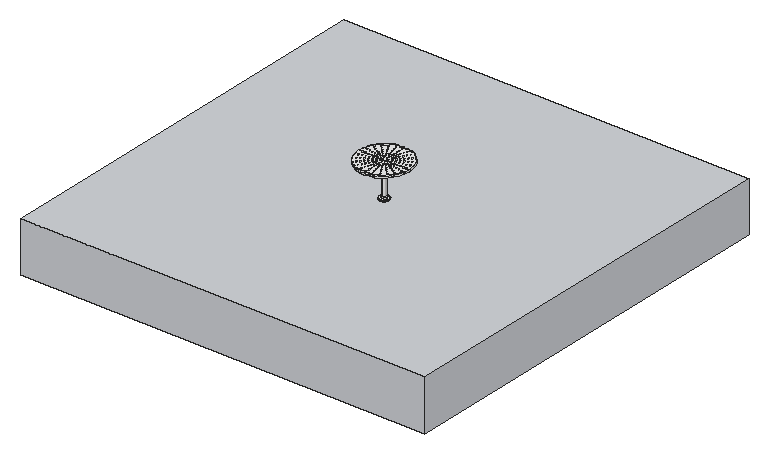
Revit family (continued)
Definition of nested family "13690_Base"
  Automatic sketch dimensions
    curve 305 to curve 283 = 0' - 0.29852"
    curve 284 to curve 283 = 0' - 0.04146"
    curve 308 to curve 303 = 0' - 0.52851"
    curve 250 to curve 246 = 0' - 0.52851"
    curve 303 to curve 303 = 0' - 0.02932"
    curve 245 to curve 246 = 0' - 0.02932"
    curve 253 to curve 256 = 0' - 0.16376"
    curve 311 to curve 314 = 0' - 0.16376"
    curve 256 to curve 255 = 0' - 0.01518"
    curve 314 to curve 313 = 0' - 0.01518"
    curve 283 to curve 280 = 0' - 0.22906"
    curve 225 to curve 221 = 0' - 0.22906"
    curve 279 to curve 279 = 0' - 0 13/256"
    curve 221 to curve 222 = 0' - 0 13/256"
    curve 313 to curve 315 = 0' - 0.16376"
    curve 255 to curve 257 = 0' - 0.16376"
    curve 316 to curve 315 = 0' - 0.01518"
    curve 258 to curve 258 = 0' - 0.01518"
    curve 43 to curve 46 = 0' - 0.63272"
    curve 104 to curve 46 = 0' - 0"
    curve 304 to curve 301 = 0' - 0.31636"
    curve 245 to curve 244 = 0' - 0.31636"
    curve 45 to curve 103 = 0' - 0.05864"
    curve 244 to curve 243 = 0' - 0.02932"
    curve 301 to curve 301 = 0' - 0.02932"
    curve 303 to curve 285 = 0' - 0.45385"
    curve 245 to curve 228 = 0' - 0.45385"
    curve 301 to curve 300 = 0' - 0.31636"
    curve 244 to curve 242 = 0' - 0.31636"
    curve 242 to curve 242 = 0' - 0.02932"
    curve 299 to curve 300 = 0' - 0.02932"
    curve 227 to curve 220 = 0' - 0.34825"
    curve 286 to curve 277 = 0' - 0.34825"
    curve 220 to curve 220 = 0' - 0 13/256"
    curve 278 to curve 278 = 0' - 0 13/256"
    curve 228 to curve 230 = 0' - 0.4474"
    curve 286 to curve 287 = 0' - 0.4474"
    curve 277 to curve 260 = 0' - 0.21892"
    curve 219 to curve 202 = 0' - 0.21892"
    curve 287 to curve 287 = 0' - 0.04146"
    curve 201 to curve 201 = 0' - 0.05664"
    curve 259 to curve 259 = 0' - 0.05664"
    curve 201 to curve 105 = 0' - 0.07467"
    curve 241 to curve 240 = 0' - 0.31636"
    curve 299 to curve 298 = 0' - 0.31636"
    curve 297 to curve 298 = 0' - 0.02932"
    curve 47 to curve 48 = 0' - 0.05864"
    curve 239 to curve 239 = 0' - 0.02932"
    curve 219 to curve 218 = 0' - 0.54795"
    curve 277 to curve 275 = 0' - 0.54795"
    curve 239 to curve 238 = 0' - 0.31636"
    curve 297 to curve 295 = 0' - 0.31636"
    curve 275 to curve 275 = 0' - 0 13/256"
    curve 218 to curve 217 = 0' - 0 13/256"
    curve 287 to curve 290 = 0' - 0.4474"
    curve 237 to curve 237 = 0' - 0.02932"
    curve 295 to curve 296 = 0' - 0.02932"
    curve 289 to curve 290 = 0' - 0.04146"
    curve 202 to curve 203 = 0' - 0.61116"
    curve 260 to curve 261 = 0' - 0.61116"
    curve 261 to curve 262 = 0' - 0.05664"
    curve 203 to curve 203 = 0' - 0.05664"
    curve 47 to curve 108 = 0' - 0.63272"
    curve 49 to curve 49 = 0' - 0.05864"
    curve 290 to curve 292 = 0' - 0.4474"
    curve 232 to curve 233 = 0' - 0.4474"
    curve 291 to curve 291 = 0' - 0.04146"
    curve 217 to curve 216 = 0' - 0.54795"
    curve 275 to curve 273 = 0' - 0.54795"
    curve 215 to curve 215 = 0' - 0 13/256"
    curve 273 to curve 273 = 0' - 0 13/256"
    curve 203 to curve 205 = 0' - 0.61116"
    curve 261 to curve 264 = 0' - 0.61116"
    curve 206 to curve 205 = 0' - 0.05664"
    curve 264 to curve 264 = 0' - 0.05664"
    curve 234 to curve 235 = 0' - 0.4474"
    curve 291 to curve 293 = 0' - 0.4474"
    curve 49 to curve 110 = 0' - 0.63272"
    curve 235 to curve 235 = 0' - 0.04146"
    curve 293 to curve 294 = 0' - 0.04146"
    curve 51 to curve 52 = 0' - 0.05864"
    curve 274 to curve 271 = 0' - 0.54795"
    curve 216 to curve 213 = 0' - 0.54795"
    curve 213 to curve 213 = 0' - 0 13/256"
    curve 271 to curve 271 = 0' - 0 13/256"
    curve 206 to curve 208 = 0' - 0.61116"
    curve 264 to curve 266 = 0' - 0.61116"
    curve 265 to curve 265 = 0' - 0.05664"
    curve 207 to curve 208 = 0' - 0.05664"
    curve 51 to curve 111 = 0' - 0.63272"
    curve 272 to curve 270 = 0' - 0.54795"
    curve 214 to curve 211 = 0' - 0.54795"
    curve 53 to curve 112 = 0' - 0.05864"
    curve 269 to curve 270 = 0' - 0 13/256"
    curve 211 to curve 212 = 0' - 0 13/256"
    curve 266 to curve 268 = 0' - 0.61116"
    curve 208 to curve 209 = 0' - 0.61116"
    curve 267 to curve 268 = 0' - 0.05664"
    curve 210 to curve 210 = 0' - 0.05664"
    curve 53 to curve 114 = 0' - 0.63272"
    curve 55 to curve 113 = 0' - 0.05864"
Definition of nested family "Arm_Base"
  Parameters (values of type "Arm_Base")
    Finish = none
  Reference planes (in)
    plane 1 "Center (Front/Back)": y = 0
    plane 2 "Back": z = 0
    plane 3 "Center (Left/Right)": x = 0
    plane 4 "Left": x = -1.11966
    plane 5 "Right": x = 1.11966
    plane 6 "Top": y = 1.11875
    plane 7 "Bottom": y = -1.11875
    plane 8 "Front": z = 5.50422
  Forms (in)
    Revolve 1, solid, material <- "Finish", detail levels fine
      sketch origin (0, 0, 0) x (0, 1, 0) y (0, 0, 1)
        loop
          line (0, 0) -> (1.08268, 0)
          arc (1.08268, 0) -> (1.10633, 0.01275) -> (1.11875, 0.03656) r 0.04577
          line (1.11875, 0.03656) -> (1.11981, 0.12736)
          arc (1.11981, 0.12736) -> (1.11198, 0.15194) -> (1.09104, 0.16701) r 0.04105
          line (1.09104, 0.16701) -> (0.67241, 0.28771)
          arc (0.67241, 0.28771) -> (0.62937, 0.31842) -> (0.6105, 0.36782) r 0.09154
          line (0.6105, 0.36782) -> (0.60966, 0.63286)
          arc (0.60966, 0.63286) -> (0.59288, 0.67277) -> (0.55272, 0.68897) r 0.05629
          line (0.55272, 0.68897) -> (0.40625, 0.68897) -> (0.40625, 5.50422) -> (0, 5.50422) -> (0, 0)
        axis (0, 5.50422) -> (0, 0)
      angle from 0 to 360
    Extrusion 2, void
      sketch origin (0, 0, 0) x (1, 0, 0) y (0, 1, 0)
        loop
          circle (0, 0) r 0.5
      from 0 to 0.16701
  Cuts and joins
    Extrusion 2 cuts Revolve 1
  Lines and regions (in)
    Masking region 1, detail levels medium+fine
      outline origin (0, 0, 0) x (0, 1, 0) y (0, 0, 1)
        loop
          arc (1.08268, 0) -> (1.10612, 0.01295) -> (1.11875, 0.03656) r 0.0472
          line (1.11875, 0.03656) -> (1.11875, 0.13327)
          arc (1.11875, 0.13327) -> (1.11093, 0.1551) -> (1.09104, 0.16701) r 0.03439
          line (1.09104, 0.16701) -> (0.67241, 0.28771)
          arc (0.67241, 0.28771) -> (0.62836, 0.31764) -> (0.6105, 0.36782) r 0.08568
          line (0.6105, 0.36782) -> (0.60968, 0.6326)
          arc (0.60968, 0.6326) -> (0.59291, 0.67262) -> (0.55272, 0.68897) r 0.05654
          line (0.55272, 0.68897) -> (0.40625, 0.68897) -> (0.40625, 5.50422) -> (-0.40625, 5.50422) -> (-0.40625, 0.68897) -> (-0.55272, 0.68897)
          arc (-0.55272, 0.68897) -> (-0.59291, 0.67262) -> (-0.60968, 0.6326) r 0.05654
          line (-0.60968, 0.6326) -> (-0.6105, 0.36782)
          arc (-0.6105, 0.36782) -> (-0.62836, 0.31764) -> (-0.67241, 0.28771) r 0.08568
          line (-0.67241, 0.28771) -> (-1.09104, 0.16701)
          arc (-1.09104, 0.16701) -> (-1.11093, 0.1551) -> (-1.11875, 0.13327) r 0.03439
          line (-1.11875, 0.13327) -> (-1.11875, 0.03656)
          arc (-1.11875, 0.03656) -> (-1.10612, 0.01295) -> (-1.08268, 0) r 0.0472
          line (-1.08268, 0) -> (1.08268, 0)
    Masking region 2, detail levels medium+fine
      outline origin (0, 0, 0) x (1, 0, 0) y (0, 0, 1)
        loop
          arc (-1.11966, 0.03656) -> (-1.10653, 0.01313) -> (-1.0831, 0) r 0.04956
          line (-1.0831, 0) -> (1.0831, 0)
          arc (1.0831, 0) -> (1.10653, 0.01313) -> (1.11966, 0.03656) r 0.04956
          line (1.11966, 0.03656) -> (1.11966, 0.12906)
          arc (1.11966, 0.12906) -> (1.11206, 0.15234) -> (1.09227, 0.16676) r 0.0398
          line (1.09227, 0.16676) -> (0.67241, 0.28771)
          arc (0.67241, 0.28771) -> (0.62835, 0.31764) -> (0.6105, 0.36782) r 0.08566
          line (0.6105, 0.36782) -> (0.60964, 0.63275)
          arc (0.60964, 0.63275) -> (0.59287, 0.6727) -> (0.55272, 0.68897) r 0.0564
          line (0.55272, 0.68897) -> (0.40642, 0.68897) -> (0.40642, 5.50422) -> (-0.40642, 5.50422) -> (-0.40642, 0.68897) -> (-0.55272, 0.68897)
          arc (-0.55272, 0.68897) -> (-0.59287, 0.6727) -> (-0.60964, 0.63275) r 0.0564
          line (-0.60964, 0.63275) -> (-0.6105, 0.36782)
          arc (-0.6105, 0.36782) -> (-0.62835, 0.31764) -> (-0.67241, 0.28771) r 0.08566
          line (-0.67241, 0.28771) -> (-1.09227, 0.16676)
          arc (-1.09227, 0.16676) -> (-1.11206, 0.15234) -> (-1.11966, 0.12906) r 0.0398
          line (-1.11966, 0.12906) -> (-1.11966, 0.03656)
    symbolic lines, style "Masking Lines", detail levels fine
      curve 1: line (0, 0.40625, 0.68897) -> (0, -0.40625, 0.68897)
      curve 2: line (0, 0.6105, 0.36782) -> (0, -0.6105, 0.36782)
      curve 3: line (0, 1.09104, 0.16701) -> (0, -1.09104, 0.16701)
      curve 4: line (0, 1.11875, 0.03656) -> (0, -1.11875, 0.03656)
      curve 5: line (-0.40642, 0, 0.68897) -> (0.40642, 0, 0.68897)
      curve 6: line (-0.6105, 0, 0.36782) -> (0.6105, 0, 0.36782)
      curve 7: line (-1.09227, 0, 0.16676) -> (1.09227, 0, 0.16676)
      curve 8: line (-1.11966, 0, 0.03656) -> (1.11966, 0, 0.03656)
  Dimensions and locks (in)
    equal spacing: plane 4 "Left", plane 3 "Center (Left/Right)", plane 5 "Right"
    equal spacing: plane 6 "Top", plane 1 "Center (Front/Back)", plane 7 "Bottom"
    plane 4 "Left" to plane 5 "Right" = 0' - 2.23932"
    plane 6 "Top" to plane 7 "Bottom" = 0' - 2.2375"
    plane 8 "Front" to plane 2 "Back" = 0' - 5.50422"
    aligned and locked: plane 2 "Back" to level
  Automatic sketch dimensions
    Revolve 1 sketch curve to level = 0' - 0"
    Revolve 1 sketch curve to plane 1 "Center (Front/Back)" = 0' - 0"  (x2)
    Revolve 1 sketch curve to plane 1 "Center (Front/Back)" = 0' - 0 13/32"
    Revolve 1 sketch curve to Revolve 1 sketch curve = 0' - 0.14647"
    Revolve 1 sketch curve to Revolve 1 sketch curve = 0' - 0.00065"
    Revolve 1 sketch curve to Revolve 1 sketch curve = 0' - 0.05629"
    Revolve 1 sketch curve to Revolve 1 sketch curve = 0' - 0.00084"
    Revolve 1 sketch curve to Revolve 1 sketch curve = 0' - 0.06192"
    Revolve 1 sketch curve to Revolve 1 sketch curve = 0' - 0.0913"
    level to Revolve 1 sketch curve = 0' - 0.04489"
    Revolve 1 sketch curve to Revolve 1 sketch curve = 0' - 0.40133"
    Revolve 1 sketch curve to Revolve 1 sketch curve = 0' - 0.00501"
    Revolve 1 sketch curve to Revolve 1 sketch curve = 0' - 0.00894"
    level to Revolve 1 sketch curve = 0' - 0.16701"
    Revolve 1 sketch curve to Revolve 1 sketch curve = 0' - 0.01228"
    level to Revolve 1 sketch curve = 0' - 0.03656"
    Revolve 1 sketch curve to Revolve 1 sketch curve = 0' - 0.04105"
    Revolve 1 sketch curve to level = 2' - 0"
    Revolve 1 sketch curve to Revolve 1 sketch curve = 0' - 0.03965"
    level to Revolve 1 sketch curve = 0' - 0.28771"
    Revolve 1 sketch curve to Revolve 1 sketch curve = 0' - 0.08011"
    Revolve 1 sketch curve to Revolve 1 sketch curve = 0' - 0.26486"
    Revolve 1 sketch curve to Revolve 1 sketch curve = 0' - 0.00018"
    Revolve 1 sketch curve to plane 8 "Front" = 0' - 0"
    plane 8 "Front" to Revolve 1 sketch curve = 7' - 2.27586"
    Masking region 1 sketch curve to plane 7 "Bottom" = 0' - 0"
    Masking region 1 sketch curve to level = 0' - 0"
    Masking region 1 sketch curve to plane 8 "Front" = 0' - 0"
    Masking region 1 sketch curve to plane 6 "Top" = 0' - 0"
    plane 7 "Bottom" to Masking region 1 sketch curve = 0' - 0.02771"
    Masking region 1 sketch curve to Masking region 1 sketch curve = 0' - 0.00667"
    plane 7 "Bottom" to Masking region 1 sketch curve = 0' - 0.03607"
    plane 7 "Bottom" to Masking region 1 sketch curve = 0' - 0.04622"
    plane 7 "Bottom" to Masking region 1 sketch curve = 0' - 0.4226"
    Masking region 1 sketch curve to Masking region 1 sketch curve = 0' - 0.02374"
    Masking region 1 sketch curve to Masking region 1 sketch curve = 0' - 0.08566"  (x2)
    Masking region 1 sketch curve to Masking region 1 sketch curve = 0' - 0.00081"  (x2)
    Masking region 1 sketch curve to Masking region 1 sketch curve = 0' - 0.05654"  (x2)
    Masking region 1 sketch curve to Masking region 1 sketch curve = 0' - 0.00043"  (x2)
    plane 1 "Center (Front/Back)" to Masking region 1 sketch curve = 0' - 0 13/32"
    Masking region 1 sketch curve to plane 1 "Center (Front/Back)" = 0' - 0 13/32"
    Masking region 1 sketch curve to Masking region 1 sketch curve = 0' - 0.14647"
    level to Masking region 1 sketch curve = 0' - 0.28771"  (x2)
    Masking region 1 sketch curve to Masking region 1 sketch curve = 0' - 0.06192"
    Masking region 1 sketch curve to plane 6 "Top" = 0' - 0.04622"
    Masking region 1 sketch curve to plane 6 "Top" = 0' - 0.03607"
    Masking region 1 sketch curve to plane 6 "Top" = 0' - 0.03439"
    Masking region 1 sketch curve to plane 6 "Top" = 0' - 0.02771"
    level to Masking region 1 sketch curve = 0' - 0.03656"  (x2)
    Masking region 1 sketch curve to Masking region 1 sketch curve = 0' - 0.09671"  (x2)
    Masking region 1 sketch curve to Masking region 1 sketch curve = 0' - 0.08011"  (x2)
    Masking region 1 sketch curve to Masking region 1 sketch curve = 0' - 0.26461"  (x2)
    Masking region 1 sketch curve to Masking region 1 sketch curve = 0' - 0.00017"  (x2)
    curve 4 to plane 7 "Bottom" = 0' - 0"
    curve 4 to plane 6 "Top" = 0' - 0"
    plane 7 "Bottom" to curve 3 = 0' - 0.02771"
    plane 7 "Bottom" to curve 2 = 0' - 0.50825"
    curve 2 to curve 1 = 0' - 0.20425"
    curve 1 to plane 1 "Center (Front/Back)" = 0' - 0 13/32"
    curve 1 to curve 2 = 0' - 0.20425"
    curve 3 to plane 6 "Top" = 0' - 0.02771"
    level to curve 4 = 0' - 0.03656"
    curve 4 to curve 3 = 0' - 0.13045"
    level to curve 2 = 0' - 0.36782"
    curve 2 to curve 1 = 0' - 0.32115"
    Masking region 2 sketch curve to plane 4 "Left" = 0' - 0"
    Masking region 2 sketch curve to level = 0' - 0"
    Masking region 2 sketch curve to plane 8 "Front" = 0' - 0"
    plane 5 "Right" to Masking region 2 sketch curve = 0' - 0"
    plane 4 "Left" to Masking region 2 sketch curve = 0' - 0.02739"
    plane 4 "Left" to Masking region 2 sketch curve = 0' - 0.03656"
    plane 4 "Left" to Masking region 2 sketch curve = 0' - 0.0398"
    plane 4 "Left" to Masking region 2 sketch curve = 0' - 0.04818"
    plane 4 "Left" to Masking region 2 sketch curve = 0' - 0.42354"
    level to Masking region 2 sketch curve = 0' - 0.28771"  (x2)
    Masking region 2 sketch curve to Masking region 2 sketch curve = 0' - 0.02371"
    Masking region 2 sketch curve to Masking region 2 sketch curve = 0' - 0.08563"  (x2)
    Masking region 2 sketch curve to Masking region 2 sketch curve = 0' - 0.00086"  (x2)
    Masking region 2 sketch curve to Masking region 2 sketch curve = 0' - 0.0564"  (x2)
    Masking region 2 sketch curve to Masking region 2 sketch curve = 0' - 0.00052"  (x2)
    Masking region 2 sketch curve to plane 3 "Center (Left/Right)" = 0' - 0.40642"
    plane 3 "Center (Left/Right)" to Masking region 2 sketch curve = 0' - 0.40642"
    Masking region 2 sketch curve to Masking region 2 sketch curve = 0' - 0.1463"
    Masking region 2 sketch curve to Masking region 2 sketch curve = 0' - 0.06192"
    plane 5 "Right" to Masking region 2 sketch curve = 0' - 0.04818"
    plane 5 "Right" to Masking region 2 sketch curve = 0' - 0.0398"
    plane 5 "Right" to Masking region 2 sketch curve = 0' - 0.03656"
    plane 5 "Right" to Masking region 2 sketch curve = 0' - 0.02739"
    level to Masking region 2 sketch curve = 0' - 0.03656"  (x2)
    Masking region 2 sketch curve to Masking region 2 sketch curve = 0' - 0.08077"  (x2)
    Masking region 2 sketch curve to Masking region 2 sketch curve = 0' - 0.00012"  (x2)
    Masking region 2 sketch curve to Masking region 2 sketch curve = 0' - 0.08011"  (x2)
    Masking region 2 sketch curve to Masking region 2 sketch curve = 0' - 0.26475"  (x2)
    Masking region 2 sketch curve to Masking region 2 sketch curve = 0' - 0.00018"  (x2)
    curve 8 to plane 4 "Left" = 0' - 0"
    plane 5 "Right" to curve 8 = 0' - 0"
    plane 4 "Left" to curve 7 = 0' - 0.02739"
    plane 4 "Left" to curve 6 = 0' - 0.50916"
    curve 6 to curve 5 = 0' - 0.20407"
    plane 3 "Center (Left/Right)" to curve 5 = 0' - 0.40642"
    curve 5 to curve 6 = 0' - 0.20407"
    plane 5 "Right" to curve 7 = 0' - 0.02739"
    level to curve 8 = 0' - 0.03656"
    curve 8 to curve 7 = 0' - 0.1302"
    level to curve 6 = 0' - 0.36782"
    curve 6 to curve 5 = 0' - 0.32115"
    plane 1 "Center (Front/Back)" to Extrusion 2 sketch curve = 0' - 0"
    Extrusion 2 sketch curve to plane 3 "Center (Left/Right)" = 0' - 0"
    radius of Extrusion 2 sketch curve = 0' - 0 1/2"
Types (7): name | Width | Length | Height | Finish
  (no name) | 1' - 0" | 0' - 8 1/4" | 1' - 0" | Metal-Kohler-CP-Polished Chrome
  Metal-BGD-Vibrant_Moderne_Brushed_Gold | 0' - 8" | 0' - 8.25422" | 0' - 8" | Metal-Kohler-BGD-Vibrant Moderne Brushed Gold
  Metal-BN-Vibrant_Brushed_Nickel | 1' - 0" | 0' - 8.25422" | 1' - 0" | Metal-Kohler-BN-Vibrant Brushed Nickel
  Metal-BV-Vibrant_Brushed_Bronze | 0' - 8" | 0' - 8.25422" | 0' - 8" | Metal-Kohler-BV-Vibrant Brushed Bronze
  Metal-CP-Polished_Chrome | 1' - 0" | 0' - 8 1/4" | 1' - 0" | Metal-Kohler-CP-Polished Chrome
  Metal-PGD-Vibrant_Moderne_Polished_Gold | 0' - 8" | 0' - 8.25422" | 0' - 8" | Metal-Kohler-PGD-Vibrant Moderne Polished Gold
  Metal-SN-Vibrant_Polished_Nickel | 1' - 0" | 0' - 8.25422" | 1' - 0" | Metal-Kohler-SN-Vibrant Polished Nickel
